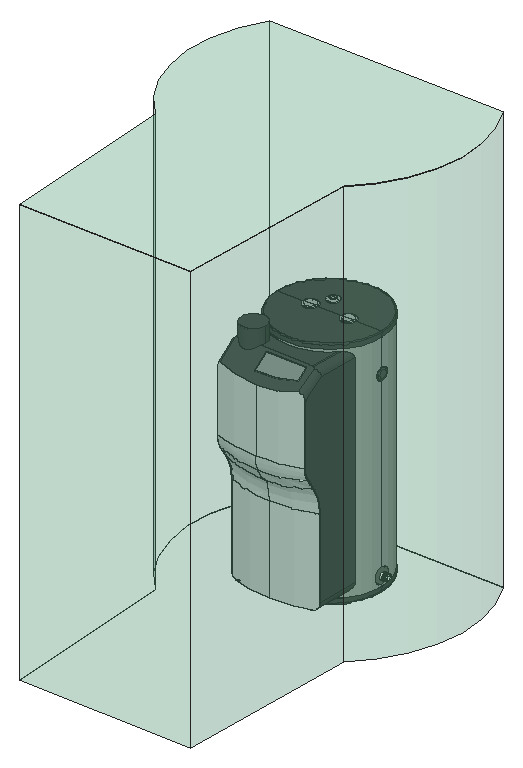
Revit family "Innovo FR_IR 32 245 FR LP", category Mechanical Equipment, Revit 2015
Parameters (values of type "IR-32-245 FR LP")
  largeur d'emballage = 786 mm  # constant formula
  l'Intervalle d'Entretien = "12 mois"  # constant formula
  Workspace Radius = Diameter + 170 mm  # 730 mm
  Workspace Height = Hauteur + 1000 mm  # 2270 mm
  Workspace Front Distance = 1000 mm
  Workspace [instance] = yes
  Valve Height 02 = if(and(Hauteur = 1745 mm, Diameter = 675 mm), 1518 mm, if(and(Hauteur = 1745 mm, Diameter = 610 mm), 1534 mm, if(Hauteur = 1545 mm, 1328 mm, 1070 mm)))  # 1070 mm
  Valve Height 01 = if(and(Diameter > 560 mm), 693 mm, 604 mm)  # 604 mm
  Valeur Maximale du Thermostat de Régulation = 85 °C  # constant formula
  Valeur Manimale du Thermostat de Régulation = 40 °C  # constant formula
  Valeur Défaut du Thermostat de Régulation = 65 °C  # constant formula
  URL = "www.aosmith.fr"
  Type d'Installation = "B23/C13/C33/C43/C53/C63"  # constant formula
  Type d'emballage = "Carton et bois"  # constant formula
  Tension d'Alimentation (-15%, +10%) = 230 V  # constant formula
  Température Maximale des Fumées = 45 °C
  Temps de réchauffement à ΔT = 70°C = "42"
  Temps de réchauffement à ΔT = 55°C = "34"
  Temps de réchauffement à ΔT = 50°C = "31"
  Temps de réchauffement à ΔT = 44°C = "27"
  Temps de réchauffement à ΔT = 28°C = "17"
  Spécifications du Produit = ""
  Réglages du thermostat du chauffe-eau = 65 °C  # constant formula
  Réglage Standard Pour = "G31"
  Rendement Saisonnier (Hs) = [Rendement (Hs, acc. NEN-EN 89 - 1999)]  # 96
  Rendement (Hs, acc. NEN-EN 89 - 1999) = 96
  Rendement (Hi, acc. NEN-EN 89 - 1999) = 107
  Raccord Évacuation de la Condensation = 40 mm  # constant formula
  Raccord de la Soupape de Vidange = 3/4"
  Raccord de Sortie d'Eau Chaude = 3/4"
  Raccord de Gaz = 15"  # constant formula
  Raccord d'Alimentation en Eau Froide = 3/4"  # constant formula
  Raccord Robinet de Vidange = 3/4"  # constant formula
  Puissance Électrique Absorbée (sommet) = 85 W
  Puissance Électrique Absorbée (nominal) = 25 W
  Profondeur d'emballage = 946 mm  # constant formula
  Profondeur = 780 mm  # constant formula
  Profils de soutirage déclaré = "XL"
  Production Nominale = "11400.0"
  Pression de Fonctionnement Maximale = 800000.0 Pa  # constant formula
  Pression Différentielle d'Ouverture de l'Interrupteur de Pression < = 115.0 Pa
  Pression Amont de Gaz = "3700 Pa"
  Precaustions during assembling, installation or maintenance = "voir Manuel d'installation, d'emploi er d'entretien"  # constant formula
  Poids à vide = 95 kg
  Poids de Transport = 114 kg
  Phase = 1
  Pertes en Veille - tous les jours (24h) = 0 W
  Pertes en Veille = 0 W
  Nombre de modèle du produit (EAN) = "8717449285920"
  Niveau du Son dB (A) = "<45"  # constant formula
  Niveau de puissance acoustique à l'intérieur = "41 dB"
  NOx-émissions mg/kWh = "23"
  NOx-émissions (ven air, 0% O2) ppm = "14"
  Modèdele = "IR-12-160"
  Model = "IR-12-160 FR LP"
  Marque commerciale = "A.O. Smith"  # constant formula
  Manufacturer = "A.O. Smith Water Products Company b.v."  # constant formula
  Largeur = Diameter  # 560 mm
  La commande intelligente = no
  L'efficacité énergétique pour le chauffage de l'eau (2) = "-"
  L'efficacité énergétique pour le chauffage de l'eau (1) = "92%"
  Hauteur du Raccordement au Gaz = 860 mm
  Hauteur de la Sortie d'eau Chaude = 1270 mm
  Hauteur de l'Alimentation en eau Froide = 170 mm
  Hauteur d'emballage = 1465 mm
  Hauteur Conduit d'Évacuation des Fumées = 1295 mm
  Hauteur Conduit d'Alimentation en Air = 1295 mm
  Hauteur = 1270 mm
  Guide de Produit = ""
  Garantie sur la Cuve = "36 mois"  # constant formula
  Garantie Pièces = "12 mois"  # constant formula
  Fréquence secteur = 50 Hz  # constant formula
  Forctionner qu'en heures creuses = no
  Fabricant No. = "E 7110"  # constant formula
  Epaisseur d'Isolation = 50 mm
  Débit de vidage à ΔT = 70°C après 90 min. = 270.0 L
  Débit de vidage à ΔT = 70°C après 60 min. = 200.0 L
  Débit de vidage à ΔT = 70°C après 30 min. = 120.0 L
  Débit de vidage à ΔT = 70°C après 120 min. = 340.0 L
  Débit de vidage à ΔT = 55°C après 90 min. = 370.0 L
  Débit de vidage à ΔT = 55°C après 60 min. = 270.0 L
  Débit de vidage à ΔT = 55°C après 30 min. = 180.0 L
  Débit de vidage à ΔT = 55°C après 120 min. = 460.0 L
  Débit de vidage à ΔT = 50°C après 90 min. = 410.0 L
  Débit de vidage à ΔT = 50°C après 60 min. = 310.0 L
  Débit de vidage à ΔT = 50°C après 30 min. = 210.0 L
  Débit de vidage à ΔT = 50°C après 120 min. = 510.0 L
  Débit de vidage à ΔT = 44°C après 90 min. = 480.0 L
  Débit de vidage à ΔT = 44°C après 60 min. = 360.0 L
  Débit de vidage à ΔT = 44°C après 30 min. = 250.0 L
  Débit de vidage à ΔT = 44°C après 120 min. = 590.0 L
  Débit de vidage à ΔT = 28°C après 90 min. = 780.0 L
  Débit de vidage à ΔT = 28°C après 60 min. = 600.0 L
  Débit de vidage à ΔT = 28°C après 30 min. = 420.0 L
  Débit de vidage à ΔT = 28°C après 120 min. = 960.0 L
  Débit de vidage en Continu à ΔT = 70°C = 150.0 L/s
  Débit de vidage en Continu à ΔT = 55°C = 190.0 L/s
  Débit de vidage en Continu à ΔT = 50°C = 200.0 L/s
  Débit de vidage en Continu à ΔT = 44°C = 230.0 L/s
  Débit de vidage en Continu à ΔT = 28°C = 360.0 L/s
  Diamètre Cheminée - Système Parallèle = "2x80"  # constant formula
  Diamètre Cheminée - Système Concentrique = "80/125 mm/mm"  # constant formula
  Diamètre Cheminée - Boiler = "80/125 mm/mm"  # constant formula
  Diameter = 560 mm
  Destination / Country = "France"  # constant formula
  Description = "Préparateur ECS Solaire en Combinaison avec Réservoir de Stockage"  # constant formula
  D'autres profils de soutirage = "-"
  Created By = "http://www.cadcompany.nl/"
  Consommation de Gaz - Volume ltr/hr = "a/p"
  Consommation de Gaz - Masse kg/h = "0.80"
  Class d'efficacité énergétique (2) = "-"
  Class d'efficacité énergétique (1) = "A"  # constant formula
  Charge Nominale (Valeur Supérieure) = "11800.0"
  Charge Nominale (Valeur Inférieure) = "10900.0"
  Charge Maximale au Sol = 274 kg
  Catégorie de Gaz = "II2Esi3P"  # constant formula
  Capacité = 160.0 L
  CO2 Émissions (tol. +/- 1.0) vol% = "10"
  CE-PIN = "0063CQ3037"  # constant formula
  BIM Content Developer = "CAD & Company"  # constant formula
  Assembly Code = "D3010"
  Annual fuel consumption (2) = "-"
  Annual fuel consumption (1) = "16 GJ GCV"
  Annual electricity consumption (2) = "-"
  Annual electricity consumption (1) = "38 kWh"
  2ème Entretien (Entretien Général) = "12 mois après l'installation"  # constant formula
  1er Entretien (check-up) = "3 mois après l'installation"  # constant formula
Reference planes
  plane 1 "Center (Front/Back)": y = 0
  plane 2: z = 0
  plane 3 "Center (Left/Right)": x = 0
  plane 4 "Pipe": through (-383.901, 912.349, 194.799) normal (-0.0879, -0.0879, 0.9923)
  plane 5 "footing": y = 118.925
  plane 6 "footing front": y = -237.85
  plane 7: x = -280
  plane 8: x = 280
  plane 9: z = 1270
Forms (mm)
  Revolve 1, solid, material "RAL 9005", detail levels medium+fine
    sketch origin (0, -237.85, 0) x (-1, 0, 0) y (0, 0, 1)
      loop
        line (0, 28.9) -> (-15, 28.9) -> (-15, 26.4) -> (-8.671, 26.4) -> (-8.671, 18) -> (-5.686, 18) -> (-6.626, 17.06) -> (-6.626, 12.06) -> (-8.671, 12.06) -> (-8.671, 10) -> (-10.031, 10) -> (-23.271, 5.181)
        arc (-23.271, 5.181) -> (-23.763, 4.836) -> (-24.017, 4.293) r 1.159
        line (-24.017, 4.293) -> (-24.017, 1.03)
        arc (-24.017, 1.03) -> (-23.715, 0.302) -> (-22.986, 0) r 1.03
        line (-22.986, 0) -> (0, 0) -> (0, 28.9)
      axis (0, 28.9) -> (0, 0)
    angle from 0 to 360
  Revolve 2, solid, material "RAL 9005", detail levels medium+fine
    sketch origin (0, 118.925, 0) x (-1, 0, 0) y (0, 0, 1)
      loop
        line (-180.984, 28.9) -> (-195.984, 28.9) -> (-195.984, 26.4) -> (-189.655, 26.4) -> (-189.655, 18) -> (-186.67, 18) -> (-187.61, 17.06) -> (-187.61, 12.06) -> (-189.655, 12.06) -> (-189.655, 10) -> (-191.015, 10) -> (-204.256, 5.181)
        arc (-204.256, 5.181) -> (-204.747, 4.836) -> (-205.001, 4.293) r 1.159
        line (-205.001, 4.293) -> (-205.001, 1.03)
        arc (-205.001, 1.03) -> (-204.699, 0.302) -> (-203.971, 0) r 1.03
        line (-203.971, 0) -> (-180.984, 0) -> (-180.984, 28.9)
      axis (-180.984, 28.9) -> (-180.984, 0)
    angle from 0 to 360
  Revolve 3, solid, material "RAL 9005", detail levels medium+fine
    sketch origin (0, 118.925, 0) x (-1, 0, 0) y (0, 0, 1)
      loop
        line (179.016, 28.9) -> (164.016, 28.9) -> (164.016, 26.4) -> (170.345, 26.4) -> (170.345, 18) -> (173.33, 18) -> (172.39, 17.06) -> (172.39, 12.06) -> (170.345, 12.06) -> (170.345, 10) -> (168.985, 10) -> (155.744, 5.181)
        arc (155.744, 5.181) -> (155.253, 4.836) -> (154.999, 4.293) r 1.159
        line (154.999, 4.293) -> (154.999, 1.03)
        arc (154.999, 1.03) -> (155.301, 0.302) -> (156.029, 0) r 1.03
        line (156.029, 0) -> (179.016, 0) -> (179.016, 28.9)
      axis (179.016, 28.9) -> (179.016, 0)
    angle from 0 to 360
Lines and regions (mm)
  symbolic lines
    curve 1: line (0, 280.06, 0) -> (0, -280.06, 0)
    curve 2: line (-255.06, 0, 0) -> (255.06, 0, 0)
  symbolic lines, style "Workspace"
    curve 3: line (623.261, 380.06, 0) -> (-623.261, 380.06, 0)
    curve 4: arc (-623.261, 380.06, 0) -> (-726.942, -66.745, 0) -> (-543.632, -487.2, 0) r 730
    curve 5: line (-543.632, -487.2, 0) -> (-396.783, -1492.825, 0)
    curve 6: line (-396.783, -1492.825, 0) -> (399.03, -1492.825, 0)
    curve 7: line (399.03, -1492.825, 0) -> (545.76, -484.816, 0)
    curve 8: arc (545.76, -484.816, 0) -> (727.087, -65.154, 0) -> (623.261, 380.06, 0) r 730
Dimensions and locks
  plane 5 "footing" to plane 1 "Center (Front/Back)" = 118.925 mm
  plane 1 "Center (Front/Back)" to plane 6 "footing front" = 237.85 mm
  "Diameter": plane 7 to plane 8
  equal spacing: plane 7, plane 3 "Center (Left/Right)", plane 8
  "Hauteur": plane 9 to plane 2
  "Workspace Front Distance": curve 6 to nested 3
  "Workspace Radius": radius of curve 4
  "Workspace Radius": radius of curve 8
  aligned and locked: level to plane 2
  aligned and locked: nested 3 to Revolve 1 sketch curve
  aligned and locked: plane 3 "Center (Left/Right)" to Revolve 1 sketch curve
  aligned and locked: nested 3 to plane 1 "Center (Front/Back)"
  aligned and locked: plane 3 "Center (Left/Right)" to nested 3
  aligned and locked: nested 1 to plane 8
  aligned and locked: nested 5 to plane 8
  aligned and locked: nested 2 to plane 7
  aligned and locked: nested 4 to plane 7
  aligned and locked: nested 7 to plane 7
  aligned and locked: nested 8 to plane 3 "Center (Left/Right)"
  aligned and locked: nested 8 to nested 3
  aligned and locked: curve 3 to nested 8
Automatic sketch dimensions
  Revolve 1 sketch curve to level = 0 mm
  plane 3 "Center (Left/Right)" to Revolve 1 sketch curve = 5.686 mm
  Revolve 1 sketch curve to Revolve 1 sketch curve = 0.94 mm  (x2)
  Revolve 1 sketch curve to Revolve 1 sketch curve = 2.046 mm  (x2)
  Revolve 1 sketch curve to Revolve 1 sketch curve = 1.359 mm
  Revolve 1 sketch curve to Revolve 1 sketch curve = 6.329 mm
  level to Revolve 1 sketch curve = 4.091 mm
  Revolve 1 sketch curve to Revolve 1 sketch curve = 12.844 mm
  level to Revolve 1 sketch curve = 1.03 mm
  Revolve 1 sketch curve to Revolve 1 sketch curve = 0.111 mm
  level to Revolve 1 sketch curve = 5.181 mm
  Revolve 1 sketch curve to Revolve 1 sketch curve = 0.745 mm
  level to Revolve 1 sketch curve = 10 mm
  Revolve 1 sketch curve to Revolve 1 sketch curve = 2.06 mm
  Revolve 1 sketch curve to Revolve 1 sketch curve = 5 mm
  Revolve 1 sketch curve to Revolve 1 sketch curve = 8.4 mm
  Revolve 1 sketch curve to Revolve 1 sketch curve = 2.5 mm
  Revolve 1 sketch curve to level = 19.635 mm
  Revolve 1 sketch curve to Revolve 1 sketch curve = 46.465 mm
  Revolve 2 sketch curve to level = 0 mm
  level to Revolve 2 sketch curve = 1.03 mm
  Revolve 2 sketch curve to plane 8 = 74.999 mm
  level to Revolve 2 sketch curve = 5.181 mm
  Revolve 2 sketch curve to Revolve 2 sketch curve = 0.745 mm
  Revolve 2 sketch curve to Revolve 2 sketch curve = 0.397 mm
  Revolve 2 sketch curve to Revolve 2 sketch curve = 8.271 mm
  Revolve 2 sketch curve to Revolve 2 sketch curve = 13.241 mm
  Revolve 2 sketch curve to Revolve 2 sketch curve = 1.359 mm
  Revolve 2 sketch curve to Revolve 2 sketch curve = 6.329 mm
  Revolve 2 sketch curve to Revolve 2 sketch curve = 2.046 mm
  level to Revolve 2 sketch curve = 18 mm
  Revolve 2 sketch curve to Revolve 2 sketch curve = 0.94 mm  (x2)
  Revolve 2 sketch curve to Revolve 2 sketch curve = 8.671 mm
  Revolve 2 sketch curve to Revolve 2 sketch curve = 1.089 mm
  Revolve 2 sketch curve to Revolve 2 sketch curve = 8 mm
  Revolve 2 sketch curve to Revolve 2 sketch curve = 2.06 mm
  Revolve 2 sketch curve to Revolve 2 sketch curve = 8.4 mm
  Revolve 2 sketch curve to Revolve 2 sketch curve = 2.5 mm
  Revolve 2 sketch curve to Revolve 2 sketch curve = 0 mm
  Revolve 2 sketch curve to level = 19.635 mm
  Revolve 2 sketch curve to Revolve 2 sketch curve = 46.465 mm
  Revolve 3 sketch curve to level = 0 mm
  level to Revolve 3 sketch curve = 1.03 mm
  Revolve 3 sketch curve to plane 7 = 125.001 mm
  level to Revolve 3 sketch curve = 5.181 mm
  Revolve 3 sketch curve to Revolve 3 sketch curve = 0.745 mm
  Revolve 3 sketch curve to Revolve 3 sketch curve = 0.397 mm
  Revolve 3 sketch curve to Revolve 3 sketch curve = 8.271 mm
  Revolve 3 sketch curve to Revolve 3 sketch curve = 13.241 mm
  Revolve 3 sketch curve to Revolve 3 sketch curve = 1.359 mm
  Revolve 3 sketch curve to Revolve 3 sketch curve = 6.329 mm
  Revolve 3 sketch curve to Revolve 3 sketch curve = 2.046 mm
  level to Revolve 3 sketch curve = 18 mm
  Revolve 3 sketch curve to Revolve 3 sketch curve = 0.94 mm  (x2)
  Revolve 3 sketch curve to Revolve 3 sketch curve = 8.671 mm
  Revolve 3 sketch curve to Revolve 3 sketch curve = 1.089 mm
  Revolve 3 sketch curve to Revolve 3 sketch curve = 8 mm
  Revolve 3 sketch curve to Revolve 3 sketch curve = 2.06 mm
  Revolve 3 sketch curve to Revolve 3 sketch curve = 8.4 mm
  Revolve 3 sketch curve to Revolve 3 sketch curve = 2.5 mm
  Revolve 3 sketch curve to Revolve 3 sketch curve = 0 mm
  Revolve 3 sketch curve to level = 19.635 mm
  Revolve 3 sketch curve to Revolve 3 sketch curve = 46.465 mm
  curve 4 to curve 8 = 0 mm  (x2)
  plane 1 "Center (Front/Back)" to curve 2 = 0 mm
  curve 1 to plane 3 "Center (Left/Right)" = 0 mm
  plane 1 "Center (Front/Back)" to curve 4 = 0 mm
  curve 4 to plane 3 "Center (Left/Right)" = 0 mm
  curve 5 to plane 6 "footing front" = 249.35 mm
  plane 7 to curve 5 = 116.783 mm
  plane 8 to curve 7 = 119.03 mm
  curve 7 to plane 6 "footing front" = 246.966 mm
  curve 2 to plane 7 = 24.94 mm
  curve 2 to plane 8 = 24.94 mm
  curve 1 to plane 6 "footing front" = 42.21 mm
  plane 5 "footing" to curve 1 = 161.135 mm
Nested families
  nested 1: "Valve" at (280, -0.38, 1070) x (0, 1, 0) z (0, 0, 1), built-in parameter 1001364 <- "Valve Height 02", type "Valve"
  nested 2: "Drain Valve" at (-280, 0, 1070), built-in parameter 1001364 <- "Valve Height 02", type "Drain Valve"
  nested 3: "Housing Mother Housing S 57 (external)" at (0, -274.886, 0), type "Housing Mother_Housing S_57"
  nested 4: "Drain Valve" at (-280, 0, 177), type "Drain Valve"
  nested 5: "Drain Valve" at (280, 0, 107) x (-1, 0, 0) z (0, 0, 1), type "Drain Valve"
  nested 6: "Boiler" at (0, 0, 0), height <- "Hauteur", type "Boiler"
    with height 1270 mm
  nested 7: "Drain Valve" at (-280, 0, 604), built-in parameter 1001364 <- "Valve Height 01", type "Drain Valve"
  nested 8: "Innovo_workspace" at (0, 0, 0), Workspace Distance Front <- "Workspace Front Distance", Workspace <- "Workspace", Workspace Height <- "Workspace Height", Workspace Radius <- "Workspace Radius", type "Workspace"
    with Workspace Radius 730 mm, Workspace Height 2270 mm, Workspace Distance Front 1000 mm, Workspace yes, Center to Front 492.825 mm
Connectors
  piping at (314.826, 0, 107), diameter 19.05, driven by "Raccord Robinet de Vidange"
    settings: on nested 5, index 1, connector inside diameter 24", connector length 0 mm, flow factor 0, pipe flow 0.0 L/s, pressure drop 0.0 Pa, fitting loss kfactor 0, connector angle 0.00°, fixture units 0, engagement length 0 mm, angle of deflection 0.00°, flow configuration 0, flow direction 0, fitting loss method 0, system type 19, joint type 0, gender type 0, connector reference index -1, connector utility 0, adjustable connector no, is connector primary yes, connector description ""
  hvac at (-147.013, -321.326, 1310.674)
    settings: on nested 3, index 2, duct flow 0.0 L/s, flow factor 0, pres drop 0.0 Pa, loss coef 0, conn angle 0.00°, conn width 304.8 mm, conn height 304.8 mm, conn diameter 125 mm, duct sys type 4, conn prof type 0, flow config 0, flow direction 0, loss method 0, conn ref index -1, conn util no, is conn primary yes, conn desc ""
Definition of nested family "Valve"
  Parameters (values of type "Valve")
    Type Comments = "T&P valve (internal)"
    Manufacturer = "A.O. Smith"
  Reference planes
    plane 1 "Center (Front/Back)": y = 0
    plane 2: z = 0
    plane 3 "Center (Left/Right)": x = 0
  Forms (mm)
    Extrusion 1, solid, detail levels fine
      sketch origin (0, 0, 0) x (1, 0, 0) y (0, 0, 1)
        loop
          circle (0, 0) r 31.5
      from -2.271 to 1.4
    Sweep 2, solid, detail levels fine
      path origin (0, -1.4, 0) x (1, 0, 0) y (0, 0, 1)
        loop
          circle (0, 0) r 31.5
      profile origin (0, -1.4, 31.5) x (0, 0, -1) y (0, -1, 0)
        loop
          line (7.3, 0) -> (7.3, 3) -> (0, 0) -> (7.3, 0)
  Dimensions and locks
    aligned and locked: level to plane 2
Definition of nested family "Drain Valve"
  Reference planes
    plane 1 "Center (Front/Back)": y = 0
    plane 2: z = 0
    plane 3 "Center (Left/Right)": x = 0
  Forms (mm)
    Revolve 1, solid, detail levels medium+fine
      sketch origin (0, 0, 0) x (1, 0, 0) y (0, 0, 1)
        loop
          line (-33.442, 15.696) -> (-34.826, 14.329) -> (-34.93, 12.731) -> (-16.555, 12.731) -> (-16.555, 0) -> (15.787, 0) -> (15.787, 18.3) -> (-14.4, 18.3) -> (-17.148, 15.533) -> (-18.729, 16.697) -> (-20.091, 15.333) -> (-21.672, 16.496) -> (-23.034, 15.133) -> (-24.614, 16.296) -> (-25.976, 14.932) -> (-27.557, 16.096) -> (-28.919, 14.732) -> (-30.5, 15.896) -> (-31.862, 14.532) -> (-33.442, 15.696)
        axis (-34.93, 0) -> (15.787, 0)
      angle from 0 to 360
  Dimensions and locks
    aligned and locked: level to plane 2
  Nested families
    nested 1: "Rubber sealing" at (2.592, -0.155, 0) x (0.0023, -1, 0) z (0, 0, 1), type "Rubber sealing", detail levels fine
  Definition of nested family "Rubber sealing"
    Reference planes
      plane 1 "Center (Front/Back)": y = 0
      plane 2: z = 0
      plane 3 "Center (Left/Right)": x = 0
    Forms (mm)
      Extrusion 1, solid, detail levels fine
        sketch origin (141.861, 319.581, 0) x (1, 0, 0) y (0, 1, 0)
          loop
            line (-216.354, -311.898) -> (-216.354, -313.94)
            arc (-216.354, -313.94) -> (-141.602, -321.581) -> (-66.861, -313.835) r 366.966
            line (-66.861, -313.835) -> (-66.861, -311.791)
            arc (-66.861, -311.791) -> (-141.602, -319.581) -> (-216.354, -311.898) r 364.966
        from -80 to 80
      Extrusion 2, void
        sketch origin (141.861, 319.581, 0) x (1, 0, 0) y (0, 0, 1)
          loop
            circle (-141.861, 0) r 13
          loop
            circle (-141.861, 0) r 110
          loop
            circle (-141.861, 0) r 40
        from 311.563 to 332.684
      Extrusion 3, void
        sketch origin (141.861, 319.581, 0) x (1, 0, 0) y (0, 0, 1)
          loop
            circle (-141.861, 0) r 18.25
        from 315.524 to 326.084
    Cuts and joins
      Extrusion 2, Extrusion 3 cuts Extrusion 1
    Dimensions and locks
      aligned and locked: level to plane 2
Definition of nested family "Housing Mother Housing S 57 (external)"
  Parameters (values of type "Housing Mother_Housing S_57")
    radius [instance] = 280 mm
    distance to boiler center = if(diameter = 675 mm, 189 mm, if(diameter = 610 mm, 154 mm, 129 mm))  # 129 mm
    diameter = 560 mm
  Reference planes
    plane 1 "Center (Front/Back)": y = 0
    plane 2: z = 0
    plane 3 "Center (Left/Right)": x = 0
    plane 4 "left": through (-245.286, 145.886, 1200) normal (0.9994, 0.0349, 0)
    plane 5: y = -217.939
    plane 6: y = 145.886
    plane 7: z = 1232.6
    plane 8: z = 65.89
    plane 9 "right": through (245.286, 145.886, 1200) normal (0.9994, -0.0349, 0)
    plane 10 "display": through (0, -90.37, 1221.196) normal (0, -0.5736, 0.8192)
    plane 11 "Potentiostat": z = 867.899
    plane 12 "boiler center": y = 274.886
    plane 13: x = -280
    plane 14: x = 280
  Forms (mm)
    Extrusion 1, solid
      sketch origin (0, 0, 0) x (1, 0, 0) y (0, 1, 0)
        loop
          line (-245.286, 145.886) -> (-232.581, -217.939) -> (232.581, -217.939) -> (245.286, 145.886)
          arc (245.286, 145.886) -> (0, 0.923) -> (-245.286, 145.886) r 280
      from 0 to 1232.6
    Sweep 2, void
      path origin (0, 0, 0) x (0, 1, 0) y (0, 0, 1)
        loop
          line (-217.939, 1232.6) -> (-217.939, 795.555)
          arc (-217.939, 795.555) -> (-212.387, 754.285) -> (-197.694, 715.322) r 183.924
          arc (-197.694, 715.322) -> (-179.915, 684.628) -> (-159.106, 655.901) r 348.284
          arc (-159.106, 655.901) -> (-131.411, 600.328) -> (-121.88, 538.973) r 202.254
          line (-121.88, 538.973) -> (-121.88, 61.106)
      profile origin (0, -217.939, 1014.077) x (1, 0, 0) y (0, 1, 0)
        loop
          arc (0, 0) -> (-117.533, 9.941) -> (-231.728, 39.475) r 699.984
          arc (-231.728, 39.475) -> (-233.391, 40.705) -> (-234.07, 42.659) r 3.505
          line (-234.07, 42.659) -> (-254.062, 42.659) -> (-254.062, -142.593) -> (254.07, -142.593) -> (254.07, 42.659) -> (234.07, 42.659)
          arc (234.07, 42.659) -> (233.391, 40.705) -> (231.728, 39.475) r 3.505
          arc (231.728, 39.475) -> (117.533, 9.941) -> (0, 0) r 699.984
    Extrusion 3, void
      sketch origin (0, 0, 0) x (0, 1, 0) y (0, 0, 1)
        loop
          arc (102.864, 70.869) -> (99.804, 70.709) -> (96.874, 69.813) r 12.57
          arc (96.874, 69.813) -> (87.878, 66.533) -> (78.516, 64.529) r 69.114
          arc (78.516, 64.529) -> (76.41, 64.284) -> (74.294, 64.148) r 41.206
          arc (74.294, 64.148) -> (65.203, 64.335) -> (56.122, 64.782) r 318.661
          arc (56.122, 64.782) -> (30.585, 66.179) -> (5.028, 67.128) r 1456.581
          line (5.028, 67.128) -> (-84.534, 73.135)
          arc (-84.534, 73.135) -> (-86.363, 73.808) -> (-87.536, 75.365) r 3.455
          line (-87.536, 75.365) -> (-264.473, 75.365) -> (-264.473, 0) -> (160.886, 0) -> (160.886, 103.945) -> (145.886, 103.945)
          arc (145.886, 103.945) -> (145.104, 97.827) -> (142.923, 92.059) r 26.364
          arc (142.923, 92.059) -> (141.067, 88.936) -> (138.867, 86.045) r 31.715
          arc (138.867, 86.045) -> (135.576, 82.49) -> (132.021, 79.2) r 62.615
          arc (132.021, 79.2) -> (125.841, 74.697) -> (119.091, 71.103) r 54.444
          arc (119.091, 71.103) -> (116.371, 70.272) -> (113.531, 70.123) r 11.669
          line (113.531, 70.123) -> (102.864, 70.869)
      from -254.062 to 254.07
    Sweep 4, void
      path origin (0, 0, 0) x (1, 0, 0) y (0, 1, 0)
        loop
          line (-245.286, 145.886) -> (-232.581, -217.939)
      profile origin (-238.933, -36.027, 0) x (0.999391, 0.034899, 0) y (0, 0, 1)
        loop
          line (-4.454, 0) -> (47.084, 0) -> (47.084, 73.431)
          arc (47.084, 73.431) -> (14.222, 85.134) -> (0.255, 117.1) r 43.922
          line (0.255, 117.1) -> (-4.454, 117.1) -> (-4.454, 0)
    Sweep 5, void
      path origin (0, 0, 0) x (-1, 0, 0) y (0, 1, 0)
        loop
          line (-245.286, 145.886) -> (-232.581, -217.939)
      profile origin (238.933, -36.027, 0) x (0.999391, -0.034899, 0) y (0, 0, 1)
        loop
          line (4.454, 0) -> (4.454, 117.1) -> (-0.255, 117.1)
          arc (-0.255, 117.1) -> (-14.222, 85.134) -> (-47.084, 73.431) r 43.922
          line (-47.084, 73.431) -> (-47.084, 0) -> (4.454, 0)
    Sweep 6, void
      path origin (-239.899, -8.377, 0) x (-0.034899, 0.999391, 0) y (0, 0, 1)
        loop
          line (-209.69, 1141.272) -> (-79.18, 1232.6) -> (154.358, 1232.6)
      profile origin (-241.211, 29.188, 1232.6) x (0, 0, 1) y (0.999391, 0.034899, 0)
        loop
          line (-45, -30) -> (75, -30) -> (75, 0) -> (75, 55) -> (2.799, 55) -> (-1.253, 35.128)
          arc (-1.253, 35.128) -> (-16.771, 9.564) -> (-45, -0.308) r 44.287
          line (-45, -0.308) -> (-45, -30)
    Sweep 7, void
      path origin (239.899, -8.377, 0) x (0.034899, 0.999391, 0) y (0, 0, 1)
        loop
          line (-209.69, 1141.272) -> (-79.18, 1232.6) -> (154.358, 1232.6)
      profile origin (241.211, 29.188, 1232.6) x (0, 0, -1) y (-0.999391, 0.034899, 0)
        loop
          line (-75, -25) -> (45, -25) -> (45, -0.308)
          arc (45, -0.308) -> (16.771, 9.564) -> (1.253, 35.128) r 44.287
          line (1.253, 35.128) -> (-2.799, 55) -> (-75, 55) -> (-75, -25)
    Extrusion 8, void
      sketch origin (0, 0, 0) x (0, 1, 0) y (0, 0, 1)
        loop
          line (-270, 1336.099) -> (-270, 1099.081) -> (68.497, 1336.099) -> (-270, 1336.099)
      from -425.038 to 444.42
    Extrusion 9, solid, detail levels medium+fine
      sketch origin (0, 0, 0) x (1, 0, 0) y (0, 1, 0)
        loop
          circle (-147.013, -46.44) r 65
      from 1163.174 to 1310.674
    Extrusion 10, void
      sketch origin (0, -603.506, 861.895) x (0, 0.819152, 0.573576) y (-1, 0, 0)
        loop
          arc (618.322, -173) -> (623.272, -170.95) -> (625.322, -166) r 7
          line (625.322, -166) -> (625.322, 35)
          arc (625.322, 35) -> (623.272, 39.95) -> (618.322, 42) r 7
          line (618.322, 42) -> (535.473, 42)
          arc (535.473, 42) -> (530.688, 40.11) -> (528.488, 35.46) r 7
          arc (528.488, 35.46) -> (531.569, -67.592) -> (554.18, -168.18) r 540
          arc (554.18, -168.18) -> (556.724, -171.668) -> (560.831, -173) r 7
          line (560.831, -173) -> (618.322, -173)
      from 0 to 137.286
    Sweep 11, solid, detail levels fine
      path origin (0, 0, 867.899) x (-1, 0, 0) y (0, -1, 0)
        loop
          line (309.749, -35.617) -> (204.371, -35.617)
          arc (204.371, -35.617) -> (196.509, -34.687) -> (189.082, -31.947) r 33.677
          line (189.082, -31.947) -> (-9.574, 69.274)
      profile origin (-257.06, 35.617, 867.899) x (0, 1, 0) y (0, 0, 1)
        loop
          circle (0, 0) r 7.316
        loop
          circle (0, 0) r 6.465
    Revolve 12, void
      sketch origin (0, 274.886, 0) x (-1, 0, 0) y (0, 0, 1)
        loop
          line (280, 1243.838) -> (0, 1243.838) -> (0, 54.9) -> (280, 54.9) -> (280, 1243.838)
        axis (0, 1243.838) -> (0, 54.9)
      angle from 0 to 360
  Cuts and joins
    Sweep 2, Extrusion 3, Sweep 4, Sweep 5, Sweep 6, Sweep 7, Extrusion 8, Extrusion 10, Revolve 12 cuts Extrusion 1
  Dimensions and locks
    plane 8 to plane 2 = 65.89 mm
    plane 7 to plane 8 = 1166.71 mm
    "distance to boiler center": plane 12 "boiler center" to plane 6
    "diameter": plane 14 to plane 13
    equal spacing: plane 14, plane 3 "Center (Left/Right)", plane 13
    "radius": plane 3 "Center (Left/Right)" to plane 13
    aligned and locked: level to plane 2
    aligned and locked: Extrusion 1 to plane 7
    aligned and locked: Extrusion 1 sketch curve to plane 5
    aligned and locked: Sweep 2 to Extrusion 3
    aligned and locked: Extrusion 3 to Sweep 2  (x2)
    aligned and locked: plane 7 to Sweep 2 sketch curve
    aligned and locked: plane 3 "Center (Left/Right)" to Revolve 12 sketch curve
    aligned and locked: Revolve 12 sketch curve to plane 3 "Center (Left/Right)"
    aligned and locked: plane 13 to Revolve 12 sketch curve
  Automatic sketch dimensions
    Extrusion 1 sketch curve to plane 4 "left" = 0 mm  (x2)
    Extrusion 1 sketch curve to plane 6 = 0 mm  (x2)
    Extrusion 1 sketch curve to plane 3 "Center (Left/Right)" = 0 mm
    Extrusion 1 sketch curve to plane 9 "right" = 0 mm
    plane 6 to Extrusion 1 sketch curve = 135.037 mm
    Sweep 2 sketch curve to plane 5 = 0 mm
    plane 5 to Sweep 2 sketch curve = 106.195 mm
    Sweep 2 sketch curve to plane 5 = 96.059 mm
    plane 1 "Center (Front/Back)" to Sweep 2 sketch curve = 34.053 mm
    plane 11 "Potentiostat" to Sweep 2 sketch curve = 6.417 mm
    Sweep 2 sketch curve to plane 6 = 33.705 mm
    Sweep 2 sketch curve to plane 11 "Potentiostat" = 68.615 mm
    Sweep 2 sketch curve to plane 11 "Potentiostat" = 72.345 mm
    Sweep 2 sketch curve to Sweep 2 sketch curve = 176.349 mm
    Sweep 2 sketch curve to Sweep 2 sketch curve = 0 mm  (x2)
    plane 8 to Sweep 2 sketch curve = 4.784 mm
    Extrusion 3 sketch curve to level = 0 mm
    Extrusion 3 sketch curve to plane 6 = 0 mm
    Extrusion 3 sketch curve to plane 6 = 26.363 mm
    Extrusion 3 sketch curve to Extrusion 3 sketch curve = 4.75 mm
    Extrusion 3 sketch curve to Extrusion 3 sketch curve = 5.179 mm
    Extrusion 3 sketch curve to plane 8 = 4.232 mm
    Extrusion 3 sketch curve to Extrusion 3 sketch curve = 0.814 mm
    Extrusion 3 sketch curve to plane 8 = 4.978 mm
    Extrusion 3 sketch curve to Extrusion 3 sketch curve = 10.667 mm
    Extrusion 3 sketch curve to Extrusion 3 sketch curve = 0.877 mm
    Extrusion 3 sketch curve to Extrusion 3 sketch curve = 17.827 mm
    Extrusion 3 sketch curve to Extrusion 3 sketch curve = 5.646 mm
    Extrusion 3 sketch curve to plane 6 = 69.562 mm
    Extrusion 3 sketch curve to Extrusion 3 sketch curve = 18.6 mm
    Extrusion 3 sketch curve to Extrusion 3 sketch curve = 22.538 mm
    Extrusion 3 sketch curve to plane 8 = 1.238 mm
    Extrusion 3 sketch curve to plane 1 "Center (Front/Back)" = 5.028 mm
    plane 1 "Center (Front/Back)" to Extrusion 3 sketch curve = 36.224 mm
    Extrusion 3 sketch curve to plane 8 = 10.692 mm
    plane 1 "Center (Front/Back)" to Extrusion 3 sketch curve = 84.302 mm
    Extrusion 3 sketch curve to plane 8 = 7.244 mm
    Extrusion 3 sketch curve to Extrusion 3 sketch curve = 0.231 mm
    Extrusion 3 sketch curve to Extrusion 3 sketch curve = 3.234 mm
    plane 5 to Extrusion 3 sketch curve = 46.534 mm
    plane 6 to Extrusion 3 sketch curve = 15 mm
    Extrusion 3 sketch curve to level = 1388.869 mm
    plane 8 to Extrusion 3 sketch curve = 7.561 mm
    Extrusion 3 sketch curve to Extrusion 3 sketch curve = 11.64 mm
    Extrusion 3 sketch curve to plane 8 = 38.054 mm
    Extrusion 3 sketch curve to Extrusion 3 sketch curve = 22.442 mm
    Extrusion 3 sketch curve to plane 8 = 39.432 mm
    Extrusion 3 sketch curve to Extrusion 3 sketch curve = 2.466 mm
    Extrusion 3 sketch curve to Extrusion 3 sketch curve = 14.17 mm
    Extrusion 3 sketch curve to Extrusion 3 sketch curve = 5.925 mm
    Extrusion 3 sketch curve to Extrusion 3 sketch curve = 6.186 mm
    Extrusion 3 sketch curve to Extrusion 3 sketch curve = 249.85 mm
    Extrusion 3 sketch curve to Extrusion 3 sketch curve = 0 mm  (x4)
    Extrusion 3 sketch curve to Extrusion 3 sketch curve = 6.845 mm
    plane 8 to Extrusion 3 sketch curve = 1.743 mm
    Sweep 4 sketch curve to plane 4 "left" = 0 mm  (x2)
    Sweep 4 sketch curve to plane 6 = 0 mm
    plane 5 to Sweep 4 sketch curve = 0 mm
    Sweep 4 sketch curve to level = 0 mm
    profile plane to Sweep 4 sketch curve = 4.454 mm
    Sweep 4 sketch curve to profile plane = 0.255 mm
    Sweep 4 sketch curve to Sweep 4 sketch curve = 43.922 mm
    Sweep 4 sketch curve to profile plane = 47.084 mm
    level to Sweep 4 sketch curve = 73.431 mm
    Sweep 4 sketch curve to Sweep 4 sketch curve = 43.669 mm
    Sweep 5 sketch curve to plane 6 = 0 mm
    Sweep 5 sketch curve to plane 9 "right" = 0 mm  (x2)
    plane 5 to Sweep 5 sketch curve = 0 mm
    Sweep 5 sketch curve to level = 0 mm
    profile plane to Sweep 5 sketch curve = 47.084 mm
    Sweep 5 sketch curve to Sweep 5 sketch curve = 2.907 mm
    profile plane to Sweep 5 sketch curve = 0.255 mm
    Sweep 5 sketch curve to profile plane = 4.454 mm
    level to Sweep 5 sketch curve = 73.431 mm
    Sweep 5 sketch curve to Sweep 5 sketch curve = 43.669 mm
    Sweep 6 sketch curve to plane 7 = 0 mm
    plane 7 to Sweep 6 sketch curve = 91.328 mm
    Sweep 6 sketch curve to Sweep 6 sketch curve = 130.509 mm
    Sweep 6 sketch curve to Sweep 6 sketch curve = 233.538 mm
    Sweep 6 sketch curve to plane 4 "left" = 0 mm
    profile plane to Sweep 6 sketch curve = 45 mm
    Sweep 6 sketch curve to Sweep 6 sketch curve = 0.354 mm
    profile plane to Sweep 6 sketch curve = 1.253 mm
    Sweep 6 sketch curve to profile plane = 2.799 mm
    Sweep 6 sketch curve to Sweep 6 sketch curve = 72.201 mm
    Sweep 6 sketch curve to plane 4 "left" = 0.308 mm
    Sweep 6 sketch curve to Sweep 6 sketch curve = 29.692 mm
    plane 4 "left" to Sweep 6 sketch curve = 35.128 mm
    plane 4 "left" to Sweep 6 sketch curve = 55 mm
    Sweep 7 sketch curve to plane 7 = 0 mm
    Sweep 7 sketch curve to plane 7 = 91.328 mm
    Sweep 7 sketch curve to Sweep 7 sketch curve = 130.509 mm
    Sweep 7 sketch curve to Sweep 7 sketch curve = 233.538 mm
    Sweep 7 sketch curve to plane 9 "right" = 25 mm
    profile plane to Sweep 7 sketch curve = 75 mm
    profile plane to Sweep 7 sketch curve = 2.799 mm
    Sweep 7 sketch curve to profile plane = 1.253 mm
    Sweep 7 sketch curve to Sweep 7 sketch curve = 43.393 mm
    Sweep 7 sketch curve to profile plane = 45 mm
    Sweep 7 sketch curve to plane 9 "right" = 0.308 mm
    plane 9 "right" to Sweep 7 sketch curve = 35.128 mm
    Sweep 7 sketch curve to Sweep 7 sketch curve = 19.872 mm
    plane 5 to Extrusion 8 sketch curve = 52.061 mm
    Extrusion 8 sketch curve to plane 1 "Center (Front/Back)" = 68.497 mm
    plane 7 to Extrusion 8 sketch curve = 133.519 mm
    Extrusion 8 sketch curve to plane 7 = 103.499 mm
    plane 1 "Center (Front/Back)" to Extrusion 9 sketch curve = 46.44 mm
    Extrusion 9 sketch curve to plane 3 "Center (Left/Right)" = 147.013 mm
    Extrusion 10 sketch curve to plane 3 "Center (Left/Right)" = 0 mm
    Extrusion 10 sketch curve to plane 3 "Center (Left/Right)" = 35 mm
    Extrusion 10 sketch curve to Extrusion 10 sketch curve = 25.359 mm
    Extrusion 10 sketch curve to Extrusion 10 sketch curve = 57.491 mm
    Extrusion 10 sketch curve to plane 3 "Center (Left/Right)" = 42 mm
    Extrusion 10 sketch curve to Extrusion 10 sketch curve = 82.85 mm
    Extrusion 10 sketch curve to Extrusion 10 sketch curve = 7 mm
    Extrusion 10 sketch curve to Extrusion 10 sketch curve = 442 mm
    plane 3 "Center (Left/Right)" to Extrusion 10 sketch curve = 166 mm
    Extrusion 10 sketch curve to Extrusion 10 sketch curve = 0 mm  (x2)
    Sweep 11 sketch curve to plane 1 "Center (Front/Back)" = 31.947 mm
    Sweep 11 sketch curve to plane 3 "Center (Left/Right)" = 189.082 mm
    Sweep 11 sketch curve to plane 1 "Center (Front/Back)" = 1.94 mm
    Sweep 11 sketch curve to Sweep 11 sketch curve = 15.289 mm
    plane 3 "Center (Left/Right)" to Sweep 11 sketch curve = 9.574 mm
    Sweep 11 sketch curve to Sweep 11 sketch curve = 105.378 mm
    plane 1 "Center (Front/Back)" to Sweep 11 sketch curve = 69.274 mm
    Sweep 11 sketch curve to Sweep 11 sketch curve = 0 mm  (x2)
    Sweep 11 sketch curve to plane 11 "Potentiostat" = 0 mm
    Sweep 11 sketch curve to profile plane = 0 mm
    plane 8 to Revolve 12 sketch curve = 10.99 mm
    Revolve 12 sketch curve to plane 7 = 11.238 mm
    Revolve 12 sketch curve to level = 366.045 mm
    Revolve 12 sketch curve to Revolve 12 sketch curve = 971.917 mm
    Sweep 2 sketch curve to plane 3 "Center (Left/Right)" = 0 mm
    profile plane to Sweep 2 sketch curve = 0 mm
    Sweep 2 sketch curve to plane 3 "Center (Left/Right)" = 0.016 mm
    Sweep 2 sketch curve to profile plane = 42.782 mm  (x2)
    Sweep 2 sketch curve to plane 3 "Center (Left/Right)" = 230.568 mm
    plane 3 "Center (Left/Right)" to Sweep 2 sketch curve = 0.016 mm
    plane 3 "Center (Left/Right)" to Sweep 2 sketch curve = 230.568 mm
    Sweep 2 sketch curve to Sweep 2 sketch curve = 3.502 mm  (x2)
    Sweep 2 sketch curve to Sweep 2 sketch curve = 20 mm
    profile plane to Sweep 2 sketch curve = 142.593 mm
    Sweep 2 sketch curve to Sweep 2 sketch curve = 0.122 mm  (x2)
    Sweep 2 sketch curve to Sweep 2 sketch curve = 657.203 mm
    Sweep 2 sketch curve to Sweep 2 sketch curve = 19.991 mm
    radius of Extrusion 9 sketch curve = 65 mm
    radius of Sweep 11 sketch curve = 7.316 mm
    radius of Sweep 11 sketch curve = 6.465 mm
  Nested families
    nested 1: "display" at (65.5, -130.939, 1192.79) x (-1, 0, 0) z (0, -0.5736, 0.8192), type "display"
  Definition of nested family "display"
    Parameters (values of type "display")
      Default Elevation = 1219.2 mm
    Reference planes
      plane 1 "Center (Front/Back)": y = 0
      plane 2: z = 0
      plane 3 "Center (Left/Right)": x = 0
    Forms (mm)
      Extrusion 1, solid, detail levels medium+fine
        sketch origin (-16.958, 11.842, -343.878) x (1, 0, 0) y (0, 0, -1)
          loop
            line (-233.523, -343.878) -> (-233.523, -346.592) -> (332.686, -346.592) -> (332.686, -343.878) -> (-233.523, -343.878)
        from -228.7 to 150.822
      Extrusion 2, void
        sketch origin (-16.958, 6.842, -343.878) x (1, 0, 0) y (0, 1, 0)
          loop
            line (-233.523, 155.822) -> (-233.523, -223.7) -> (332.686, -223.7) -> (332.686, 155.822) -> (-233.523, 155.822)
          loop
            arc (-90.542, -48.267) -> (-88.492, -53.216) -> (-83.542, -55.267) r 7
            line (-83.542, -55.267) -> (117.458, -55.267)
            arc (117.458, -55.267) -> (122.408, -53.216) -> (124.458, -48.267) r 7
            line (124.458, -48.267) -> (124.458, 34.583)
            arc (124.458, 34.583) -> (122.568, 39.368) -> (117.918, 41.568) r 7
            arc (117.918, 41.568) -> (14.866, 38.487) -> (-85.722, 15.876) r 540
            arc (-85.722, 15.876) -> (-89.21, 13.332) -> (-90.542, 9.224) r 7
            line (-90.542, 9.224) -> (-90.542, -48.267)
        from 328.878 to 363.083
    Cuts and joins
      Extrusion 2 cuts Extrusion 1
    Dimensions and locks
      aligned and locked: level to plane 2
Definition of nested family "Boiler"
  Parameters (values of type "Boiler")
    radius [instance] = 280 mm
    height [instance] = 1270 mm
    Diameter = 560 mm
  Reference planes
    plane 1 "Center (Front/Back)": y = 0
    plane 2: z = 0
    plane 3 "Center (Left/Right)": x = 0
    plane 4: z = 1243.838
    plane 5: z = 1270
    plane 6 "bottom": z = 28.9
    plane 7: z = 54.9
    plane 8 "top controle": y = 88
    plane 9: x = -280
    plane 10: x = 280
  Forms (mm)
    Revolve 1, solid
      sketch origin (0, 0, 0) x (1, 0, 0) y (0, 0, 1)
        loop
          line (0, 54.9) -> (-280, 54.9) -> (-280, 32.9)
          arc (-280, 32.9) -> (-278.828, 30.072) -> (-276, 28.9) r 4
          line (-276, 28.9) -> (0, 28.9) -> (0, 54.9)
        axis (0, 28.9) -> (0, 54.9)
      angle from 0 to 360
    Revolve 2, solid
      sketch origin (1.311, 0, 0) x (1, 0, 0) y (0, 0, 1)
        loop
          line (-278.86, 1243.838) -> (-278.86, 54.9) -> (-1.311, 54.9) -> (-1.311, 1243.838) -> (-278.86, 1243.838)
        axis (-1.311, 1243.838) -> (-1.311, 54.9)
      angle from 0 to 360
    Revolve 3, solid
      sketch origin (-9.205, 0, 377.212) x (-1, 0, 0) y (0, 0, 1)
        loop
          line (-148.904, 892.788) -> (-110.805, 892.788) -> (-110.805, 895.963) -> (-141.883, 895.963) -> (-148.904, 893.62) -> (-148.904, 892.788)
        axis (-110.805, 892.788) -> (-110.805, 895.963)
      angle from 0 to 360
    Revolve 4, solid
      sketch origin (0, 0, 718.065) x (1, 0, 0) y (0, 0, -1)
        loop
          line (0, -525.773) -> (-280, -525.773) -> (-280, -547.935)
          arc (-280, -547.935) -> (-278.828, -550.763) -> (-276, -551.935) r 4
          line (-276, -551.935) -> (0, -551.935) -> (0, -525.773)
        axis (0, -551.935) -> (0, -525.773)
      angle from 0 to 360
    Revolve 5, solid
      sketch origin (0, 88, 0) x (1, 0, 0) y (0, 0, 1)
        loop
          line (-19.051, 1270) -> (-19.051, 1271.074) -> (-32.63, 1275.604) -> (-32.63, 1271.117) -> (-37.266, 1271.117) -> (-38.383, 1270) -> (-19.051, 1270)
        axis (-50.8, 1270) -> (-50.8, 1275.604)
      angle from 0 to 360
    Revolve 6, solid
      sketch origin (-217.12, 0, 372.245) x (-1, 0, 0) y (0, 0, 1)
        loop
          line (-153.622, 897.755) -> (-115.52, 897.755) -> (-115.52, 900.93) -> (-146.626, 900.93) -> (-153.622, 898.596) -> (-153.622, 897.755)
        axis (-115.52, 897.755) -> (-115.52, 900.93)
      angle from 0 to 360
  Dimensions and locks
    "height": plane 5 to plane 2
    plane 6 "bottom" to plane 2 = 28.9 mm
    locked: plane 5 to plane 4 at 26.162
    locked: plane 1 "Center (Front/Back)" to plane 8 "top controle" at 88
    "Diameter": plane 10 to plane 9
    equal spacing: plane 10, plane 3 "Center (Left/Right)", plane 9
    "radius": plane 3 "Center (Left/Right)" to plane 9
    locked: plane 9 to Revolve 2 sketch curve at 2.452
    aligned and locked: level to plane 2
    aligned and locked: Revolve 2 sketch curve to plane 7
    aligned and locked: Revolve 2 sketch curve to plane 4
    aligned and locked: Revolve 1 sketch curve to plane 7
    aligned and locked: plane 6 "bottom" to Revolve 1 sketch curve
    aligned and locked: Revolve 4 sketch curve to plane 3 "Center (Left/Right)"
    aligned and locked: plane 5 to Revolve 4 sketch curve
    aligned and locked: Revolve 4 sketch curve to plane 4
    aligned and locked: plane 9 to Revolve 4 sketch curve
    aligned and locked: Revolve 1 sketch curve to plane 9
    aligned and locked: Revolve 2 sketch curve to plane 3 "Center (Left/Right)"
    aligned and locked: plane 3 "Center (Left/Right)" to Revolve 2 sketch curve
  Automatic sketch dimensions
    Revolve 1 sketch curve to plane 3 "Center (Left/Right)" = 0 mm  (x2)
    Revolve 1 sketch curve to Revolve 1 sketch curve = 4 mm
    Revolve 1 sketch curve to level = 40 mm
    Revolve 1 sketch curve to Revolve 1 sketch curve = 305.1 mm
    Revolve 2 sketch curve to level = 366.045 mm
    Revolve 2 sketch curve to plane 5 = 945.755 mm
    Revolve 3 sketch curve to plane 5 = 0 mm
    Revolve 3 sketch curve to plane 3 "Center (Left/Right)" = 139.699 mm
    plane 5 to Revolve 3 sketch curve = 3.175 mm
    Revolve 3 sketch curve to Revolve 3 sketch curve = 7.022 mm
    Revolve 3 sketch curve to Revolve 3 sketch curve = 31.078 mm
    Revolve 3 sketch curve to Revolve 3 sketch curve = 0.832 mm
    Revolve 3 sketch curve to Revolve 3 sketch curve = 0 mm
    Revolve 3 sketch curve to Revolve 3 sketch curve = 2.338 mm
    Revolve 3 sketch curve to Revolve 3 sketch curve = 4.487 mm
    Revolve 4 sketch curve to plane 3 "Center (Left/Right)" = 0 mm
    Revolve 4 sketch curve to Revolve 4 sketch curve = 4 mm
    Revolve 4 sketch curve to Revolve 4 sketch curve = 68.738 mm
    Revolve 4 sketch curve to Revolve 4 sketch curve = 305.1 mm
    Revolve 6 sketch curve to plane 5 = 0 mm
    plane 3 "Center (Left/Right)" to Revolve 6 sketch curve = 63.497 mm
    plane 5 to Revolve 6 sketch curve = 3.175 mm
    Revolve 6 sketch curve to Revolve 6 sketch curve = 6.997 mm
    Revolve 6 sketch curve to Revolve 6 sketch curve = 31.106 mm
    Revolve 6 sketch curve to Revolve 6 sketch curve = 0.84 mm
    Revolve 6 sketch curve to Revolve 6 sketch curve = 0 mm
    Revolve 6 sketch curve to Revolve 6 sketch curve = 7.216 mm
    Revolve 6 sketch curve to Revolve 6 sketch curve = 0.391 mm
    Revolve 5 sketch curve to Revolve 5 sketch curve = 13.578 mm
    Revolve 5 sketch curve to Revolve 5 sketch curve = 1.074 mm
    Revolve 5 sketch curve to Revolve 5 sketch curve = 12.417 mm
    Revolve 5 sketch curve to Revolve 5 sketch curve = 5.753 mm
    Revolve 5 sketch curve to plane 5 = 1.117 mm
    Revolve 5 sketch curve to Revolve 5 sketch curve = 1.117 mm
    plane 5 to Revolve 5 sketch curve = 4.396 mm
    Revolve 5 sketch curve to plane 5 = 0 mm
    Revolve 5 sketch curve to Revolve 5 sketch curve = 4.487 mm
    Revolve 5 sketch curve to plane 3 "Center (Left/Right)" = 38.383 mm
    Revolve 5 sketch curve to plane 5 = 5.604 mm
Definition of nested family "Innovo_workspace"
  Parameters (values of type "Workspace")
    Workspace Radius [instance] = 730 mm
    Workspace Height [instance] = 2270 mm
    Workspace Distance Front [instance] = 1000 mm
    Workspace [instance] = yes
    URL = "www.aosmith.nl"
    Model = ""
    Manufacturer = "A.O. Smith Water Products Company b.v."  # constant formula
    Description = ""
    Created By = ""
    Center to Front [instance] = 492.825 mm
    BIM Content Developer = "CAD & Company"  # constant formula
    Assembly Code = ""
  Reference planes
    plane 1 "Center (Front/Back)": y = 0
    plane 2: z = 0
    plane 3 "Center (Left/Right)": x = 0
    plane 4 "Pipe": through (-383.901, 912.349, 194.799) normal (-0.0879, -0.0879, 0.9923)
    plane 5 "front": y = -492.825
  Forms (mm)
    Extrusion 1, solid, visible <- "Workspace"
      sketch origin (0, 0, 0) x (1, 0, 0) y (0, 1, 0)
        loop
          line (456.53, -1492.825) -> (500.201, -531.695)
          arc (500.201, -531.695) -> (723.44, -97.643) -> (623.261, 380.06) r 730
          line (623.261, 380.06) -> (-623.261, 380.06)
          arc (-623.261, 380.06) -> (-723.227, -99.209) -> (-497.893, -533.856) r 730
          line (-497.893, -533.856) -> (-454.283, -1492.825) -> (456.53, -1492.825)
      from 0 to 2270 <- "Workspace Height"
  Lines and regions (mm)
    symbolic lines
      curve 1: line (0, 280.06, 0) -> (0, -280.06, 0)
      curve 2: line (-255.06, 0, 0) -> (255.06, 0, 0)
  Dimensions and locks
    locked: Extrusion 1 sketch curve to curve 1 at 100
    "Workspace Distance Front": plane 5 "front" to Extrusion 1
    "Center to Front": plane 1 "Center (Front/Back)" to plane 5 "front"
    "Workspace Radius": radius of Extrusion 1 sketch curve  (x2)
    aligned and locked: level to plane 2
  Automatic sketch dimensions
    plane 1 "Center (Front/Back)" to curve 2 = 0 mm
    curve 1 to plane 3 "Center (Left/Right)" = 0 mm
    plane 3 "Center (Left/Right)" to curve 2 = 255.06 mm
    curve 1 to plane 1 "Center (Front/Back)" = 280.06 mm
    curve 2 to plane 3 "Center (Left/Right)" = 255.06 mm
    plane 5 "front" to curve 1 = 212.765 mm
    Extrusion 1 sketch curve to Extrusion 1 sketch curve = 0 mm  (x2)
    plane 1 "Center (Front/Back)" to Extrusion 1 sketch curve = 0 mm
    Extrusion 1 sketch curve to plane 3 "Center (Left/Right)" = 0 mm
    Extrusion 1 sketch curve to plane 5 "front" = 41.031 mm
    Extrusion 1 sketch curve to plane 3 "Center (Left/Right)" = 454.283 mm
    plane 3 "Center (Left/Right)" to Extrusion 1 sketch curve = 456.53 mm
    Extrusion 1 sketch curve to plane 5 "front" = 38.869 mm
    Extrusion 1 sketch curve to Extrusion 1 sketch curve = 961.131 mm
